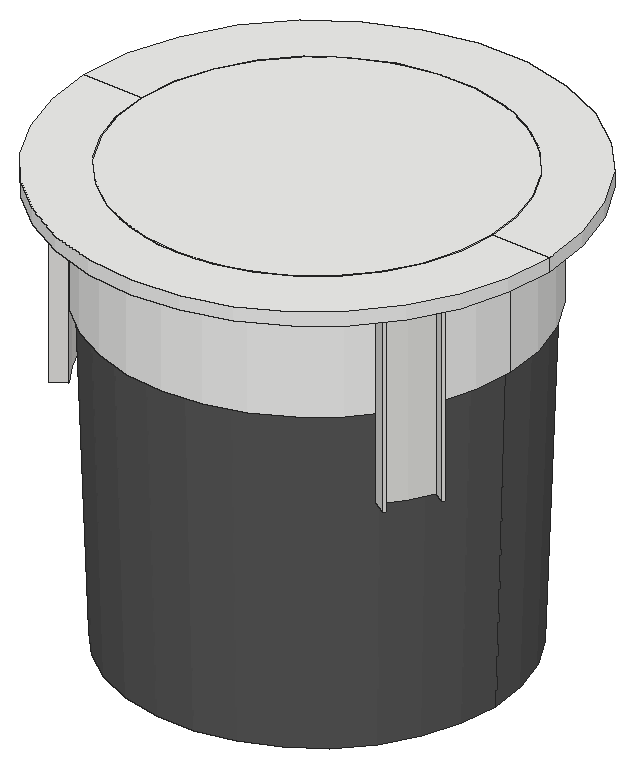
Revit family "Electronics_Commercial-Loudspeakers_Biamp_Ceiling-Speaker_EN-CM5T6", category Communication Devices, host Face, Revit 2020
Family settings
  Host = Face
  Maintain Annotation Orientation = No
  Round Connector Dimension = Use Diameter
  Part Type = Normal
  OmniClass Number = 23.85.10.11.14.14.14
  OmniClass Title = Loudspeakers
  Cut with Voids When Loaded = No
  Shared = No
  Room Calculation Point = No
Parameters (values of type "EN-CM5T6")
  Woofer cone material = "Coated paper"  # constant formula
  Vertical dispersion angle 1000 Hz = "180°"  # constant formula
  Operating temperatures = "-20°C to +80°C"  # constant formula
  Max SPL 1m in dB = "101,3"  # constant formula
  Main construction material = "Steel"  # constant formula
  Low impedance dynamic power watts = "6"  # constant formula
  Loudspeaker system = "Full range"  # constant formula
  Woofer size in inch = "5.25"  # constant formula
  SPL 1W/1m in dB = "93,5"  # constant formula
  Mounting system = "3 clamps"  # constant formula
  IP rating = "50"  # constant formula
  Frequency response in Hz = "320 - 19 k"  # constant formula
  Connector Description = "Terminal strip; 100V operation"  # constant formula
  Colour = "White"  # constant formula
  Closest RAL colour (subject to deviations) = "RAL9010"  # constant formula
  Certificate ref = "1438/CPR/0351"  # constant formula
  Ceiling thickness range in mm = "1 - 60"  # constant formula
  Weight = 1.27 lbf  # constant formula
  Version = 1
  URL = "https://www.biamp.com/"
  Product data url = "https://bimobject.com/biamp/product/en-cm5t6_commercial-loudspeakers-en54-24"
  Product Page URL = "https://www.biamp.com/products/product-families/commercial-loudspeakers/en54-24#en-cm5t6"
  Product Documentation Link = "https://downloads.biamp.com/assets/docs/default-source/discontinued/biamp_data_sheet_en-cm5t6_aug20.pdf"
  Model = "EN-CM5T6"  # constant formula
  Manufacturer = "Biamp"  # constant formula
  Housing Material = Biamp - Plastic - White
  Grill Material = Biamp - Plastic - White(Grid)
  Diameter = 7.08661"  # constant formula
  Description = "EN-CM5T6 EN54-24 Certified 5 Ceiling Speaker"  # constant formula
  Depth = 6.22047"  # constant formula
  Default Elevation = 48"
  Date Updated = ""
  Date Created = "2023/08/21"
  100V transformer power taps in watts = "6 - 3 - 1.5"  # constant formula
Reference planes (in)
  plane 1 "Center (Front/Back)": y = 0
  plane 2: z = 0
  plane 3 "Center (Left/Right)": x = 0
Forms (in)
  Extrusion 1, solid, material "Biamp - Plastic - White(Grid)" <- "Grill Material", detail levels coarse
    sketch origin (0, 0, 0) x (1, 0, 0) y (0, 1, 0)
      loop
        circle (0, 0) r 2.66937
    from 0 to 0.19685
  Extrusion 2, solid, material "Biamp - Plastic - Black", detail levels coarse
    sketch origin (0, 0, 0) x (1, 0, 0) y (0, 1, 0)
      loop
        circle (0, 0) r 2.75591
    from -6.22047 to -1.5748
  Extrusion 3, void
    sketch origin (0, 0, 0) x (1, 0, 0) y (0, 1, 0)
      loop
        circle (0, 0) r 3.20447
    from -6.22047 to 0
  Revolve 4, solid, material "Biamp - Plastic - White" <- "Housing Material", detail levels coarse
    sketch origin (0, 0, 0) x (1, 0, 0) y (0, 0, 1)
      loop
        line (-2.95276, 0) -> (-2.95276, -1.5748) -> (0, -1.5748) -> (0, 0) -> (-2.66937, 0) -> (-2.66937, 0.19685) -> (-3.54331, 0.19685) -> (-3.54331, 0) -> (-2.95276, 0)
      axis (0, -1.5748) -> (0, 0.19685)
    angle from 0 to 360
  Revolve 5, solid, material "Biamp - Plastic - White" <- "Housing Material", detail levels medium+fine
    sketch origin (0, 0, 0) x (1, 0, 0) y (0, 0, 1)
      loop
        line (-2.95276, 0) -> (-2.95276, -1.5748) -> (0, -1.5748) -> (0, 0) -> (-2.66937, 0) -> (-2.66937, 0.19685) -> (-3.54331, 0.19685) -> (-3.54331, 0) -> (-2.95276, 0)
      axis (0, -1.5748) -> (0, 0.19685)
    angle from 0 to 360
  Extrusion 6, solid, material "Biamp - Plastic - White(Grid)" <- "Grill Material", detail levels medium+fine
    sketch origin (0, 0, 0) x (1, 0, 0) y (0, 1, 0)
      loop
        circle (0, 0) r 2.66937
    from 0 to 0.19685
  Revolve 7, solid, material "Biamp - Plastic - Black", detail levels medium+fine
    sketch origin (0, 0, 0) x (1, 0, 0) y (0, 0, 1)
      loop
        line (0, -1.5748) -> (-2.87894, -1.5748) -> (-2.71671, -6.22047) -> (0, -6.22047) -> (0, -1.5748)
      axis (0, -6.22047) -> (0, -1.5748)
    angle from 0 to 360
  Extrusion 8, void
    sketch origin (0, 0, -6.22047) x (0, 1, 0) y (1, 0, 0)
      loop
        line (-0.85283, -1.4743) -> (-0.85283, 1.4743) -> (-1.5523, 1.4743) -> (-1.5523, -1.4743) -> (-0.85283, -1.4743)
    from -0.11198 to 0
  Extrusion 9, solid, material "Biamp - Metal - Silver", detail levels medium+fine
    sketch origin (0, 0, 0) x (1, 0, 0) y (0, 1, 0)
      loop
        line (0.3937, 2.92356) -> (0.3937, 3.15978) -> (0.35433, 3.15978) -> (0.35433, 2.96885)
        arc (0.35433, 2.96885) -> (0, 2.99213) -> (-0.35433, 2.96885) r 2.70874
        line (-0.35433, 2.96885) -> (-0.35433, 3.15978) -> (-0.3937, 3.15978) -> (-0.3937, 2.92356)
        arc (-0.3937, 2.92356) -> (0, 2.95276) -> (0.3937, 2.92356) r 2.66937
      loop
        line (-2.72873, -1.12083) -> (-2.9333, -1.23894) -> (-2.91362, -1.27303) -> (-2.74827, -1.17757)
        arc (-2.74827, -1.17757) -> (-2.59126, -1.49606) -> (-2.39393, -1.79128) r 2.70874
        line (-2.39393, -1.79128) -> (-2.55929, -1.88675) -> (-2.5396, -1.92085) -> (-2.33503, -1.80274)
        arc (-2.33503, -1.80274) -> (-2.55716, -1.47638) -> (-2.72873, -1.12083) r 2.66937
      loop
        arc (2.72873, -1.12083) -> (2.55716, -1.47638) -> (2.33503, -1.80274) r 2.66937
        line (2.33503, -1.80274) -> (2.5396, -1.92085) -> (2.55929, -1.88675) -> (2.39393, -1.79128)
        arc (2.39393, -1.79128) -> (2.59126, -1.49606) -> (2.74827, -1.17757) r 2.70874
        line (2.74827, -1.17757) -> (2.91362, -1.27303) -> (2.9333, -1.23894) -> (2.72873, -1.12083)
    from -2.78917 to 0
Cuts and joins
  Extrusion 8 cuts Extrusion 2
  Extrusion 8 cuts Revolve 7
Lines and regions (in)
  Masking region 1
    outline origin (0, 0, 0) x (1, 0, 0) y (0, 1, 0)
      loop
        circle (0, 0) r 3.54331
      loop
        circle (0, 0) r 2.66937
  Masking region 2
    outline origin (0, 0, 0) x (1, 0, 0) y (0, 1, 0)
      loop
        circle (0, 0) r 2.66937
  Masking region 3
    outline origin (0, 0, 0) x (1, 0, 0) y (0, 0, 1)
      loop
        line (-3.54331, 0.19685) -> (-3.54331, 0) -> (3.54331, 0) -> (3.54331, 0.19685) -> (-3.54331, 0.19685)
      loop
        line (-2.75591, -1.5748) -> (-2.75591, -6.22047) -> (2.75591, -6.22047) -> (2.75591, -1.5748) -> (-2.75591, -1.5748)
  Masking region 4
    outline origin (0, 0, 0) x (1, 0, 0) y (0, 0, 1)
      loop
        line (-2.95276, 0) -> (-2.95276, -1.5748) -> (2.95276, -1.5748) -> (2.95276, 0) -> (-2.95276, 0)
Dimensions and locks (in)
  aligned and locked: plane 2 to host face
  aligned and locked: level to host face
Connectors (in)
  electrical at (0, -1.20257, -6.10849), driven by "Connector Description"
    settings: on cut or joined group of Extrusion 2, Extrusion 8, index 1, voltage 0 V, apparent load 0 VA, apparent load phase1 0 VA, apparent load phase2 0 VA, apparent load phase3 0 VA, power factor 1, load classification "Other", number of poles 1, system type 5, power factor state 1, is connector primary yes, connector utility no, sub classification motor no, connector description "Terminal strip; 100V operation"
